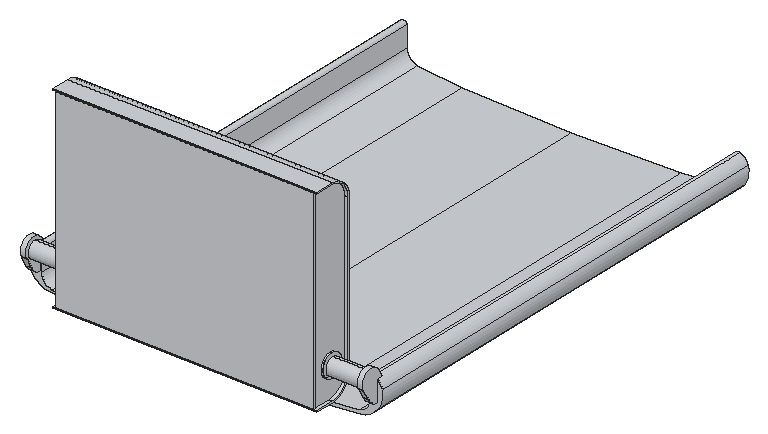
Revit family "3210 Björk Baby changing station", category Furniture Systems, host Wall, Revit 2018
Family settings
  Host = Wall
  Round Connector Dimension = Use Diameter
  Part Type = Normal
  Always vertical = Yes
  Cut with Voids When Loaded = No
  Shared = No
  Room Calculation Point = No
Parameters (values of type "Optional Ral color")
  URL = "http://www.dandryer.com/en-gb/products/baby-changing-stations/3210-bjork-baby-changing-station--optional-ral-colour"
  UP = not(Down)  # no
  Type Image = <None>
  Surface = none
  Model = "Björk-3210"
  Manufacturer = "Dan Dryer A/S"
  Down = yes
  Description = "Baby changing table"
  Cost = 0
Reference planes
  plane 1 "Wall": y = 0
  plane 2 "Center (Left/Right)": x = 125
  plane 3 "Back": y = 75
Forms (mm)
  Extrusion 1, solid, not visible
    sketch origin (0, 0, 0) x (1, 0, 0) y (0, 1, 0)
      loop
        arc (42.212, 95.366) -> (42.426, 94.946) -> (42.5, 94.481) r 1.5
        line (42.5, 94.481) -> (42.5, 75.3) -> (43.7, 75.3) -> (43.7, 94.481)
        arc (43.7, 94.481) -> (43.567, 95.318) -> (43.181, 96.073) r 2.7
        arc (43.181, 96.073) -> (125, 257.1) -> (206.819, 96.073) r 101.3
        arc (206.819, 96.073) -> (206.433, 95.318) -> (206.3, 94.481) r 2.7
        line (206.3, 94.481) -> (206.3, 75.3) -> (207.5, 75.3) -> (207.5, 94.481)
        arc (207.5, 94.481) -> (207.574, 94.946) -> (207.788, 95.366) r 1.5
        arc (207.788, 95.366) -> (125, 258.3) -> (42.212, 95.366) r 102.5
    from 900 to 1230
  Extrusion 2, void, not visible
    sketch origin (207.5, 94.481, 0) x (0, 1, 0) y (0, 0, -1)
      loop
        line (-19.181, -1225) -> (-19.181, -1230) -> (6.154, -1230)
        arc (6.154, -1230) -> (3.068, -1228.36) -> (2.105, -1225) r 4.47
        line (2.105, -1225) -> (-19.181, -1225)
    from -10.952 to 170.161
  Extrusion 3, void, not visible
    sketch origin (207.5, 94.481, 2130) x (0, 1, 0) y (0, 0, -1)
      loop
        line (-19.181, 1225) -> (2.105, 1225)
        arc (2.105, 1225) -> (3.068, 1228.36) -> (6.154, 1230) r 4.47
        line (6.154, 1230) -> (-19.181, 1230) -> (-19.181, 1225)
    from -6 to 179.451
  Extrusion 4, solid, not visible
    sketch origin (207.5, 75.3, 907) x (0, 1, 0) y (-1, 0, 0)
      loop
        line (0, 163.8) -> (0, 1.2) -> (19.181, 1.2)
        arc (19.181, 1.2) -> (20.018, 1.067) -> (20.773, 0.681) r 2.7
        arc (20.773, 0.681) -> (181.8, 82.5) -> (20.773, 164.319) r 101.3
        arc (20.773, 164.319) -> (20.018, 163.933) -> (19.181, 163.8) r 2.7
        line (19.181, 163.8) -> (0, 163.8)
    from 0 to -2
  Extrusion 5, void, not visible
    sketch origin (206.3, 75.3, 0) x (-1, 0, 0) y (0, 0, 1)
      loop
        arc (83.312, 976) -> (81.303, 978.014) -> (79.288, 976) r 2.012
        line (79.288, 976) -> (79.285, 930)
        arc (79.285, 930) -> (81.297, 927.986) -> (83.312, 930) r 2.012
        line (83.312, 930) -> (83.312, 976)
    from 174.915 to 189.234
  Extrusion 6, solid, not visible
    sketch origin (206.3, 75.3, 0) x (1, 0, 0) y (0, 0, 1)
      loop
        line (-83.312, 975.984) -> (-83.312, 930)
        arc (-83.312, 930) -> (-81.291, 928.118) -> (-79.287, 930.016) r 2.015
        line (-79.287, 930.016) -> (-79.288, 976)
        arc (-79.288, 976) -> (-81.309, 977.882) -> (-83.312, 975.984) r 2.015
    from -182.98 to -174.915
  Extrusion 7, solid, material "RAL FARVE", not visible
    sketch origin (0, 0, 0) x (1, 0, 0) y (0, 1, 0)
      loop
        arc (42.212, 95.366) -> (42.426, 94.946) -> (42.5, 94.481) r 1.5
        line (42.5, 94.481) -> (42.5, 75.3) -> (43.7, 75.3) -> (43.7, 94.481)
        arc (43.7, 94.481) -> (43.567, 95.318) -> (43.181, 96.073) r 2.7
        arc (43.181, 96.073) -> (125, 257.1) -> (206.819, 96.073) r 101.3
        arc (206.819, 96.073) -> (206.433, 95.318) -> (206.3, 94.481) r 2.7
        line (206.3, 94.481) -> (206.3, 75.3) -> (207.5, 75.3) -> (207.5, 94.481)
        arc (207.5, 94.481) -> (207.574, 94.946) -> (207.788, 95.366) r 1.5
        arc (207.788, 95.366) -> (125, 258.3) -> (42.212, 95.366) r 102.5
    from 900 to 1230
Text (mm)
  text "Placement Side" at (-1848.837, 1116.779, 0), in view "Ref. Level"
  text "Placement side" at (0, 1409.804, 2854.306), in view "Left"
  text "Placement side" at (0, 499.811, 2980.732), in view "Right"
Dimensions and locks
  locked: plane 3 "Back" to host wall
  aligned and locked: plane 1 "Wall" to host wall
  aligned and locked: plane 3 "Back" to nested 1  (x2)
Nested families
  nested 1: "Master changing table" at (125, 75, 1050), type "Master changing table"
    with Table up no
Definition of nested family "Master changing table"
  Parameters (values of type "Master changing table")
    Table up = yes
    Table down = yes
    Surface = none
  Reference planes
    plane 1 "Center (Front/Back)": y = 0
    plane 2: z = 0
    plane 3 "Center (Left/Right)": x = 0
  Forms (mm)
    Extrusion 1, solid, material <- "Surface"
      sketch origin (205, 367.912, 256.022) x (0, 1, 0) y (0, 0, 1)
        loop
          line (-368.006, 0) -> (-368.006, -1.5) -> (-337.756, -1.5)
          arc (-337.756, -1.5) -> (-316.543, -10.287) -> (-307.756, -31.5) r 30
          line (-307.756, -31.5) -> (-307.756, -273.5)
          arc (-307.756, -273.5) -> (-316.543, -294.713) -> (-337.756, -303.5) r 30
          line (-337.756, -303.5) -> (-368.006, -303.5) -> (-368.006, -305) -> (-337.756, -305)
          arc (-337.756, -305) -> (-315.482, -295.774) -> (-306.256, -273.5) r 31.5
          line (-306.256, -273.5) -> (-306.256, -31.5)
          arc (-306.256, -31.5) -> (-315.482, -9.226) -> (-337.756, 0) r 31.5
          line (-337.756, 0) -> (-368.006, 0)
      from -410.457 to 0.457
    Extrusion 2, solid, material <- "Surface"
      sketch origin (-200, 30.056, 103.522) x (0, -1, 0) y (0, 0, 1)
        loop
          line (28.149, 150) -> (0.649, 150)
          arc (0.649, 150) -> (-20.564, 141.213) -> (-29.351, 120) r 30
          line (-29.351, 120) -> (-29.351, -120)
          arc (-29.351, -120) -> (-20.564, -141.213) -> (0.649, -150) r 30
          line (0.649, -150) -> (28.149, -150) -> (28.149, 150)
      from 0 to -1.5
    Extrusion 3, solid, material <- "Surface"
      sketch origin (200, 30.056, 103.522) x (0, -1, 0) y (0, 0, -1)
        loop
          line (28.149, -150) -> (28.149, 150) -> (0.649, 150)
          arc (0.649, 150) -> (-20.564, 141.213) -> (-29.351, 120) r 30
          line (-29.351, 120) -> (-29.351, -120)
          arc (-29.351, -120) -> (-20.564, -141.213) -> (0.649, -150) r 30
          line (0.649, -150) -> (28.149, -150)
      from 0 to -1.5
    Extrusion 4, solid, material <- "Surface", visible <- "Table down"
      sketch origin (0, 750.106, -53.254) x (-1, 0, 0) y (0, 0, 1)
        loop
          line (-255, 19.726) -> (-255, 51.373)
          arc (-255, 51.373) -> (-257.243, 55.544) -> (-261.96, 55.973) r 5
          arc (-261.96, 55.973) -> (-270.039, 50.067) -> (-274.685, 41.203) r 22.097
          arc (-274.685, 41.203) -> (-275.07, 26.076) -> (-268.731, 12.336) r 33.351
          arc (-268.731, 12.336) -> (-256.485, 1.616) -> (-241.13, -3.778) r 42.947
          arc (-241.13, -3.778) -> (-205.836, -8.031) -> (-170.362, -10.357) r 652.663
          arc (-170.362, -10.357) -> (-85.196, -12.728) -> (0, -13.33) r 4102.572
          arc (0, -13.33) -> (85.196, -12.728) -> (170.362, -10.357) r 4102.572
          arc (170.362, -10.357) -> (205.836, -8.031) -> (241.13, -3.778) r 652.663
          arc (241.13, -3.778) -> (256.485, 1.616) -> (268.731, 12.336) r 42.947
          arc (268.731, 12.336) -> (275.07, 26.076) -> (274.685, 41.203) r 33.351
          arc (274.685, 41.203) -> (270.039, 50.067) -> (261.96, 55.973) r 22.097
          arc (261.96, 55.973) -> (257.243, 55.544) -> (255, 51.373) r 5
          line (255, 51.373) -> (255, 19.726)
          arc (255, 19.726) -> (250.375, 7.3) -> (238.751, 0.923) r 19.004
          arc (238.751, 0.923) -> (204.558, -3.146) -> (170.196, -5.363) r 637.149
          arc (170.196, -5.363) -> (85.113, -7.758) -> (0, -8.582) r 4609.967
          arc (0, -8.582) -> (-85.113, -7.758) -> (-170.196, -5.363) r 4609.967
          arc (-170.196, -5.363) -> (-204.558, -3.146) -> (-238.751, 0.923) r 637.149
          arc (-238.751, 0.923) -> (-250.375, 7.3) -> (-255, 19.726) r 19.004
      from -709.566 to 0
    Extrusion 5, solid, material <- "Surface", visible <- "Table down"
      sketch origin (258, 29.906, 2.522) x (0, 0, 1) y (0, 1, 0)
        loop
          line (8.4, 14.549) -> (-2.6, 20.9)
          arc (-2.6, 20.9) -> (-4.503, 22.803) -> (-5.2, 25.403) r 5.2
          line (-5.2, 25.403) -> (-5.2, 41.674) -> (-6, 41.383) -> (-6, 177.6)
          arc (-6, 177.6) -> (-6.879, 179.721) -> (-9, 180.6) r 3
          line (-9, 180.6) -> (-33, 180.6)
          arc (-33, 180.6) -> (-35.121, 179.721) -> (-36, 177.6) r 3
          line (-36, 177.6) -> (-36, 30.464) -> (-36.8, 30.172) -> (-36.8, 16.166)
          arc (-36.8, 16.166) -> (-33.477, 3.766) -> (-24.4, -5.312) r 24.8
          line (-24.4, -5.312) -> (-8.4, -14.549)
          arc (-8.4, -14.549) -> (14.549, -8.4) -> (8.4, 14.549) r 16.8
      from -8 to 0
    Extrusion 6, solid, material <- "Surface", visible <- "Table down"
      sketch origin (-266, 29.906, 2.522) x (0, 0, 1) y (0, 1, 0)
        loop
          line (8.4, 14.549) -> (-2.6, 20.9)
          arc (-2.6, 20.9) -> (-4.503, 22.803) -> (-5.2, 25.403) r 5.2
          line (-5.2, 25.403) -> (-5.2, 41.674) -> (-6, 41.383) -> (-6, 177.6)
          arc (-6, 177.6) -> (-6.879, 179.721) -> (-9, 180.6) r 3
          line (-9, 180.6) -> (-33, 180.6)
          arc (-33, 180.6) -> (-35.121, 179.721) -> (-36, 177.6) r 3
          line (-36, 177.6) -> (-36, 30.464) -> (-36.8, 30.172) -> (-36.8, 16.166)
          arc (-36.8, 16.166) -> (-33.477, 3.766) -> (-24.4, -5.312) r 24.8
          line (-24.4, -5.312) -> (-8.4, -14.549)
          arc (-8.4, -14.549) -> (14.549, -8.4) -> (8.4, 14.549) r 16.8
      from -8 to 0
    Extrusion 7, solid, material <- "Surface"
      sketch origin (-258, 31.072, 1.856) x (0, 0, -1) y (0, 1, 0)
        loop
          circle (-0.065, 0.035) r 17.549
      from 53 to 462.5
    Extrusion 8, solid, material <- "Surface", visible <- "Table up"
      sketch origin (0, 85.702, 722.747) x (-1, 0, 0) y (0, -1, 0)
        loop
          line (-255, 19.726) -> (-255, 51.373)
          arc (-255, 51.373) -> (-257.243, 55.544) -> (-261.96, 55.973) r 5
          arc (-261.96, 55.973) -> (-270.039, 50.067) -> (-274.685, 41.203) r 22.097
          arc (-274.685, 41.203) -> (-275.07, 26.076) -> (-268.731, 12.336) r 33.351
          arc (-268.731, 12.336) -> (-256.485, 1.616) -> (-241.13, -3.778) r 42.947
          arc (-241.13, -3.778) -> (-205.836, -8.031) -> (-170.362, -10.357) r 652.663
          arc (-170.362, -10.357) -> (-85.196, -12.728) -> (0, -13.33) r 4102.572
          arc (0, -13.33) -> (85.196, -12.728) -> (170.362, -10.357) r 4102.572
          arc (170.362, -10.357) -> (205.836, -8.031) -> (241.13, -3.778) r 652.663
          arc (241.13, -3.778) -> (256.485, 1.616) -> (268.731, 12.336) r 42.947
          arc (268.731, 12.336) -> (275.07, 26.076) -> (274.685, 41.203) r 33.351
          arc (274.685, 41.203) -> (270.039, 50.067) -> (261.96, 55.973) r 22.097
          arc (261.96, 55.973) -> (257.243, 55.544) -> (255, 51.373) r 5
          line (255, 51.373) -> (255, 19.726)
          arc (255, 19.726) -> (250.375, 7.3) -> (238.751, 0.923) r 19.004
          arc (238.751, 0.923) -> (204.558, -3.146) -> (170.196, -5.363) r 637.149
          arc (170.196, -5.363) -> (85.113, -7.758) -> (0, -8.582) r 4609.967
          arc (0, -8.582) -> (-85.113, -7.758) -> (-170.196, -5.363) r 4609.967
          arc (-170.196, -5.363) -> (-204.558, -3.146) -> (-238.751, 0.923) r 637.149
          arc (-238.751, 0.923) -> (-250.375, 7.3) -> (-255, 19.726) r 19.004
      from -709.566 to 0
    Extrusion 9, solid, material <- "Surface", visible <- "Table up"
      sketch origin (258, 29.925, 2.547) x (0, -1, 0) y (0, 0, 1)
        loop
          line (8.4, 14.549) -> (-2.6, 20.9)
          arc (-2.6, 20.9) -> (-4.503, 22.803) -> (-5.2, 25.403) r 5.2
          line (-5.2, 25.403) -> (-5.2, 41.674) -> (-6, 41.383) -> (-6, 177.6)
          arc (-6, 177.6) -> (-6.879, 179.721) -> (-9, 180.6) r 3
          line (-9, 180.6) -> (-33, 180.6)
          arc (-33, 180.6) -> (-35.121, 179.721) -> (-36, 177.6) r 3
          line (-36, 177.6) -> (-36, 30.464) -> (-36.8, 30.172) -> (-36.8, 16.166)
          arc (-36.8, 16.166) -> (-33.477, 3.766) -> (-24.4, -5.312) r 24.8
          line (-24.4, -5.312) -> (-8.4, -14.549)
          arc (-8.4, -14.549) -> (14.549, -8.4) -> (8.4, 14.549) r 16.8
      from -8 to 0
    Extrusion 10, solid, material <- "Surface", visible <- "Table up"
      sketch origin (-266, 29.925, 2.547) x (0, -1, 0) y (0, 0, 1)
        loop
          line (8.4, 14.549) -> (-2.6, 20.9)
          arc (-2.6, 20.9) -> (-4.503, 22.803) -> (-5.2, 25.403) r 5.2
          line (-5.2, 25.403) -> (-5.2, 41.674) -> (-6, 41.383) -> (-6, 177.6)
          arc (-6, 177.6) -> (-6.879, 179.721) -> (-9, 180.6) r 3
          line (-9, 180.6) -> (-33, 180.6)
          arc (-33, 180.6) -> (-35.121, 179.721) -> (-36, 177.6) r 3
          line (-36, 177.6) -> (-36, 30.464) -> (-36.8, 30.172) -> (-36.8, 16.166)
          arc (-36.8, 16.166) -> (-33.477, 3.766) -> (-24.4, -5.312) r 24.8
          line (-24.4, -5.312) -> (-8.4, -14.549)
          arc (-8.4, -14.549) -> (14.549, -8.4) -> (8.4, 14.549) r 16.8
      from -8 to 0
    Extrusion 11, solid, material <- "Surface"
      sketch origin (-258, 30.572, 1.856) x (0, 0, -1) y (0, 1, 0)
        loop
          circle (-0.065, 0.035) r 13.035
      from 0 to 516
    Extrusion 12, solid, material <- "Surface"
      sketch origin (-258, 30.572, 1.856) x (0, 0, -1) y (0, 1, 0)
        loop
          circle (-0.065, 0.035) r 16.835
      from 54.88 to 461.953
    Extrusion 13, solid, material <- "Surface"
      sketch origin (-5125, -0.094, -947.478) x (-1, 0, 0) y (0, 0, 1)
        loop
          line (-5325, 1202) -> (-5325, 900) -> (-4925, 900) -> (-4925, 1202) -> (-5325, 1202)
      from 0 to 2
    Extrusion 14, solid, not visible
      sketch origin (-5000, 75, 0) x (-1, 0, 0) y (0, 0, 1)
        loop
          line (-5325, 1202) -> (-5325, 900) -> (-4925, 900) -> (-4925, 1202) -> (-5325, 1202)
      from 0 to 2
    Extrusion 15, solid, not visible
      sketch origin (330, 443.006, 1203.5) x (0, 1, 0) y (0, 0, 1)
        loop
          line (-368.006, 0) -> (-368.006, -1.5) -> (-337.756, -1.5)
          arc (-337.756, -1.5) -> (-316.543, -10.287) -> (-307.756, -31.5) r 30
          line (-307.756, -31.5) -> (-307.756, -273.5)
          arc (-307.756, -273.5) -> (-316.543, -294.713) -> (-337.756, -303.5) r 30
          line (-337.756, -303.5) -> (-368.006, -303.5) -> (-368.006, -305) -> (-337.756, -305)
          arc (-337.756, -305) -> (-315.482, -295.774) -> (-306.256, -273.5) r 31.5
          line (-306.256, -273.5) -> (-306.256, -31.5)
          arc (-306.256, -31.5) -> (-315.482, -9.226) -> (-337.756, 0) r 31.5
          line (-337.756, 0) -> (-368.006, 0)
      from -410.457 to 0.457
    Sweep 16, void, not visible
      path origin (330, 443.006, 1203.5) x (0, 1, 0) y (0, 0, 1)
        loop
          line (-368.006, -305) -> (-337.756, -305)
          arc (-337.756, -305) -> (-315.482, -295.774) -> (-306.256, -273.5) r 31.5
          line (-306.256, -273.5) -> (-306.256, -31.5)
          arc (-306.256, -31.5) -> (-315.482, -9.226) -> (-337.756, 0) r 31.5
          line (-337.756, 0) -> (-368.006, 0)
      profile origin (330, 90.125, 1203.5) x (0, 0, -1) y (1, 0, 0)
        loop
          line (0, 0.457) -> (0, -0.75)
          arc (0, -0.75) -> (0.75, 0) -> (1.5, -0.75) r 0.75
          line (1.5, -0.75) -> (1.5, 0.457) -> (0, 0.457)
    Sweep 17, void, not visible
      path origin (-80, 443.006, 1203.5) x (0, 1, 0) y (0, 0, -1)
        loop
          line (-368.006, 305) -> (-337.756, 305)
          arc (-337.756, 305) -> (-315.482, 295.774) -> (-306.256, 273.5) r 31.5
          line (-306.256, 273.5) -> (-306.256, 31.5)
          arc (-306.256, 31.5) -> (-315.482, 9.226) -> (-337.756, 0) r 31.5
          line (-337.756, 0) -> (-368.006, 0)
      profile origin (-80, 90.125, 1203.5) x (0, 0, 1) y (-1, 0, 0)
        loop
          line (0, 0.457) -> (-1.5, 0.457) -> (-1.5, -0.75)
          arc (-1.5, -0.75) -> (-0.75, 0) -> (0, -0.75) r 0.75
          line (0, -0.75) -> (0, 0.457)
    Extrusion 18, solid, not visible
      sketch origin (-75, 105.149, 1051) x (0, -1, 0) y (0, 0, 1)
        loop
          line (28.149, 150) -> (0.649, 150)
          arc (0.649, 150) -> (-20.564, 141.213) -> (-29.351, 120) r 30
          line (-29.351, 120) -> (-29.351, -120)
          arc (-29.351, -120) -> (-20.564, -141.213) -> (0.649, -150) r 30
          line (0.649, -150) -> (28.149, -150) -> (28.149, 150)
      from 0 to -1.5
    Extrusion 19, solid, not visible
      sketch origin (325, 105.149, 1051) x (0, -1, 0) y (0, 0, -1)
        loop
          line (28.149, -150) -> (28.149, 150) -> (0.649, 150)
          arc (0.649, 150) -> (-20.564, 141.213) -> (-29.351, 120) r 30
          line (-29.351, 120) -> (-29.351, -120)
          arc (-29.351, -120) -> (-20.564, -141.213) -> (0.649, -150) r 30
          line (0.649, -150) -> (28.149, -150)
      from 0 to -1.5
    Extrusion 20, void, not visible
      sketch origin (-75, 105.149, 1051) x (0, 1, 0) y (0, 0, 1)
        loop
          circle (-0.114, -100.935) r 17.549
      from 404.5 to -5
    Extrusion 21, solid, visible <- "Table down", not visible
      sketch origin (125, 825.199, 894.224) x (-1, 0, 0) y (0, 0, 1)
        loop
          line (-255, 19.726) -> (-255, 51.373)
          arc (-255, 51.373) -> (-257.243, 55.544) -> (-261.96, 55.973) r 5
          arc (-261.96, 55.973) -> (-270.039, 50.067) -> (-274.685, 41.203) r 22.097
          arc (-274.685, 41.203) -> (-275.07, 26.076) -> (-268.731, 12.336) r 33.351
          arc (-268.731, 12.336) -> (-256.485, 1.616) -> (-241.13, -3.778) r 42.947
          arc (-241.13, -3.778) -> (-205.836, -8.031) -> (-170.362, -10.357) r 652.663
          arc (-170.362, -10.357) -> (-85.196, -12.728) -> (0, -13.33) r 4102.572
          arc (0, -13.33) -> (85.196, -12.728) -> (170.362, -10.357) r 4102.572
          arc (170.362, -10.357) -> (205.836, -8.031) -> (241.13, -3.778) r 652.663
          arc (241.13, -3.778) -> (256.485, 1.616) -> (268.731, 12.336) r 42.947
          arc (268.731, 12.336) -> (275.07, 26.076) -> (274.685, 41.203) r 33.351
          arc (274.685, 41.203) -> (270.039, 50.067) -> (261.96, 55.973) r 22.097
          arc (261.96, 55.973) -> (257.243, 55.544) -> (255, 51.373) r 5
          line (255, 51.373) -> (255, 19.726)
          arc (255, 19.726) -> (250.375, 7.3) -> (238.751, 0.923) r 19.004
          arc (238.751, 0.923) -> (204.558, -3.146) -> (170.196, -5.363) r 637.149
          arc (170.196, -5.363) -> (85.113, -7.758) -> (0, -8.582) r 4609.967
          arc (0, -8.582) -> (-85.113, -7.758) -> (-170.196, -5.363) r 4609.967
          arc (-170.196, -5.363) -> (-204.558, -3.146) -> (-238.751, 0.923) r 637.149
          arc (-238.751, 0.923) -> (-250.375, 7.3) -> (-255, 19.726) r 19.004
      from -709.566 to 0
    Sweep 22, void, not visible
      path origin (125, 825.199, 894.224) x (-1, 0, 0) y (0, 0, 1)
        loop
          arc (-261.96, 55.973) -> (-270.039, 50.067) -> (-274.685, 41.203) r 22.097
          arc (-274.685, 41.203) -> (-275.07, 26.076) -> (-268.731, 12.336) r 33.351
          arc (-268.731, 12.336) -> (-256.485, 1.616) -> (-241.13, -3.778) r 42.947
          arc (-241.13, -3.778) -> (-205.836, -8.031) -> (-170.362, -10.357) r 652.663
          arc (-170.362, -10.357) -> (-85.196, -12.728) -> (0, -13.33) r 4102.572
          arc (0, -13.33) -> (85.196, -12.728) -> (170.362, -10.357) r 4102.572
          arc (170.362, -10.357) -> (205.836, -8.031) -> (241.13, -3.778) r 652.663
          arc (241.13, -3.778) -> (256.485, 1.616) -> (268.731, 12.336) r 42.947
          arc (268.731, 12.336) -> (275.07, 26.076) -> (274.685, 41.203) r 33.351
          arc (274.685, 41.203) -> (270.039, 50.067) -> (261.96, 55.973) r 22.097
          arc (261.96, 55.973) -> (257.243, 55.544) -> (255, 51.373) r 5
          line (255, 51.373) -> (255, 19.726)
          arc (255, 19.726) -> (250.375, 7.3) -> (238.751, 0.923) r 19.004
          arc (238.751, 0.923) -> (204.558, -3.146) -> (170.196, -5.363) r 637.149
          arc (170.196, -5.363) -> (85.113, -7.758) -> (0, -8.582) r 4609.967
          arc (0, -8.582) -> (-85.113, -7.758) -> (-170.196, -5.363) r 4609.967
          arc (-170.196, -5.363) -> (-204.558, -3.146) -> (-238.751, 0.923) r 637.149
          arc (-238.751, 0.923) -> (-250.375, 7.3) -> (-255, 19.726) r 19.004
          line (-255, 19.726) -> (-255, 51.373)
          arc (-255, 51.373) -> (-257.243, 55.544) -> (-261.96, 55.973) r 5
      profile origin (395.039, 825.199, 944.291) x (-0.757606, 0, -0.652712) y (0, 1, 0)
        loop
          arc (0, -1.006) -> (0.295, -0.295) -> (1.006, 0) r 1.006
          line (1.006, 0) -> (0, 0) -> (0, -1.006)
    Extrusion 23, void, not visible
      sketch origin (-141, 105, 950) x (0, 0, 1) y (0, 1, 0)
        loop
          line (-93.281, 10.633) -> (14.517, 10.633) -> (14.517, 49.868) -> (-93.281, 10.633)
      from -603.294 to 94
    Extrusion 24, solid, visible <- "Table down", not visible
      sketch origin (383, 105, 950) x (0, 0, 1) y (0, 1, 0)
        loop
          line (8.4, 14.549) -> (-2.6, 20.9)
          arc (-2.6, 20.9) -> (-4.503, 22.803) -> (-5.2, 25.403) r 5.2
          line (-5.2, 25.403) -> (-5.2, 41.674) -> (-6, 41.383) -> (-6, 177.6)
          arc (-6, 177.6) -> (-6.879, 179.721) -> (-9, 180.6) r 3
          line (-9, 180.6) -> (-33, 180.6)
          arc (-33, 180.6) -> (-35.121, 179.721) -> (-36, 177.6) r 3
          line (-36, 177.6) -> (-36, 30.464) -> (-36.8, 30.172) -> (-36.8, 16.166)
          arc (-36.8, 16.166) -> (-33.477, 3.766) -> (-24.4, -5.312) r 24.8
          line (-24.4, -5.312) -> (-8.4, -14.549)
          arc (-8.4, -14.549) -> (14.549, -8.4) -> (8.4, 14.549) r 16.8
      from -8 to 0
    Extrusion 25, solid, visible <- "Table down", not visible
      sketch origin (-141, 105, 950) x (0, 0, 1) y (0, 1, 0)
        loop
          line (8.4, 14.549) -> (-2.6, 20.9)
          arc (-2.6, 20.9) -> (-4.503, 22.803) -> (-5.2, 25.403) r 5.2
          line (-5.2, 25.403) -> (-5.2, 41.674) -> (-6, 41.383) -> (-6, 177.6)
          arc (-6, 177.6) -> (-6.879, 179.721) -> (-9, 180.6) r 3
          line (-9, 180.6) -> (-33, 180.6)
          arc (-33, 180.6) -> (-35.121, 179.721) -> (-36, 177.6) r 3
          line (-36, 177.6) -> (-36, 30.464) -> (-36.8, 30.172) -> (-36.8, 16.166)
          arc (-36.8, 16.166) -> (-33.477, 3.766) -> (-24.4, -5.312) r 24.8
          line (-24.4, -5.312) -> (-8.4, -14.549)
          arc (-8.4, -14.549) -> (14.549, -8.4) -> (8.4, 14.549) r 16.8
      from -8 to 0
    Extrusion 26, solid, not visible
      sketch origin (-133, 106.166, 949.334) x (0, 0, -1) y (0, 1, 0)
        loop
          circle (-0.065, 0.035) r 17.549
      from 53 to 462.5
    Extrusion 27, solid, visible <- "Table up", not visible
      sketch origin (125, 160.795, 1670.224) x (-1, 0, 0) y (0, -1, 0)
        loop
          line (-255, 19.726) -> (-255, 51.373)
          arc (-255, 51.373) -> (-257.243, 55.544) -> (-261.96, 55.973) r 5
          arc (-261.96, 55.973) -> (-270.039, 50.067) -> (-274.685, 41.203) r 22.097
          arc (-274.685, 41.203) -> (-275.07, 26.076) -> (-268.731, 12.336) r 33.351
          arc (-268.731, 12.336) -> (-256.485, 1.616) -> (-241.13, -3.778) r 42.947
          arc (-241.13, -3.778) -> (-205.836, -8.031) -> (-170.362, -10.357) r 652.663
          arc (-170.362, -10.357) -> (-85.196, -12.728) -> (0, -13.33) r 4102.572
          arc (0, -13.33) -> (85.196, -12.728) -> (170.362, -10.357) r 4102.572
          arc (170.362, -10.357) -> (205.836, -8.031) -> (241.13, -3.778) r 652.663
          arc (241.13, -3.778) -> (256.485, 1.616) -> (268.731, 12.336) r 42.947
          arc (268.731, 12.336) -> (275.07, 26.076) -> (274.685, 41.203) r 33.351
          arc (274.685, 41.203) -> (270.039, 50.067) -> (261.96, 55.973) r 22.097
          arc (261.96, 55.973) -> (257.243, 55.544) -> (255, 51.373) r 5
          line (255, 51.373) -> (255, 19.726)
          arc (255, 19.726) -> (250.375, 7.3) -> (238.751, 0.923) r 19.004
          arc (238.751, 0.923) -> (204.558, -3.146) -> (170.196, -5.363) r 637.149
          arc (170.196, -5.363) -> (85.113, -7.758) -> (0, -8.582) r 4609.967
          arc (0, -8.582) -> (-85.113, -7.758) -> (-170.196, -5.363) r 4609.967
          arc (-170.196, -5.363) -> (-204.558, -3.146) -> (-238.751, 0.923) r 637.149
          arc (-238.751, 0.923) -> (-250.375, 7.3) -> (-255, 19.726) r 19.004
      from -709.566 to 0
    Sweep 28, void, not visible
      path origin (125, 160.795, 1670.224) x (-1, 0, 0) y (0, -1, 0)
        loop
          arc (-261.96, 55.973) -> (-270.039, 50.067) -> (-274.685, 41.203) r 22.097
          arc (-274.685, 41.203) -> (-275.07, 26.076) -> (-268.731, 12.336) r 33.351
          arc (-268.731, 12.336) -> (-256.485, 1.616) -> (-241.13, -3.778) r 42.947
          arc (-241.13, -3.778) -> (-205.836, -8.031) -> (-170.362, -10.357) r 652.663
          arc (-170.362, -10.357) -> (-85.196, -12.728) -> (0, -13.33) r 4102.572
          arc (0, -13.33) -> (85.196, -12.728) -> (170.362, -10.357) r 4102.572
          arc (170.362, -10.357) -> (205.836, -8.031) -> (241.13, -3.778) r 652.663
          arc (241.13, -3.778) -> (256.485, 1.616) -> (268.731, 12.336) r 42.947
          arc (268.731, 12.336) -> (275.07, 26.076) -> (274.685, 41.203) r 33.351
          arc (274.685, 41.203) -> (270.039, 50.067) -> (261.96, 55.973) r 22.097
          arc (261.96, 55.973) -> (257.243, 55.544) -> (255, 51.373) r 5
          line (255, 51.373) -> (255, 19.726)
          arc (255, 19.726) -> (250.375, 7.3) -> (238.751, 0.923) r 19.004
          arc (238.751, 0.923) -> (204.558, -3.146) -> (170.196, -5.363) r 637.149
          arc (170.196, -5.363) -> (85.113, -7.758) -> (0, -8.582) r 4609.967
          arc (0, -8.582) -> (-85.113, -7.758) -> (-170.196, -5.363) r 4609.967
          arc (-170.196, -5.363) -> (-204.558, -3.146) -> (-238.751, 0.923) r 637.149
          arc (-238.751, 0.923) -> (-250.375, 7.3) -> (-255, 19.726) r 19.004
          line (-255, 19.726) -> (-255, 51.373)
          arc (-255, 51.373) -> (-257.243, 55.544) -> (-261.96, 55.973) r 5
      profile origin (395.039, 110.728, 1670.224) x (-0.757606, 0.652712, 0) y (0, 0, 1)
        loop
          arc (0, -1.006) -> (0.295, -0.295) -> (1.006, 0) r 1.006
          line (1.006, 0) -> (0, 0) -> (0, -1.006)
    Extrusion 29, void, not visible
      sketch origin (-141, 105.019, 950.025) x (0, -1, 0) y (0, 0, 1)
        loop
          line (-93.281, 10.633) -> (14.517, 10.633) -> (14.517, 49.868) -> (-93.281, 10.633)
      from -603.294 to 94
    Extrusion 30, solid, visible <- "Table up", not visible
      sketch origin (383, 105.019, 950.025) x (0, -1, 0) y (0, 0, 1)
        loop
          line (8.4, 14.549) -> (-2.6, 20.9)
          arc (-2.6, 20.9) -> (-4.503, 22.803) -> (-5.2, 25.403) r 5.2
          line (-5.2, 25.403) -> (-5.2, 41.674) -> (-6, 41.383) -> (-6, 177.6)
          arc (-6, 177.6) -> (-6.879, 179.721) -> (-9, 180.6) r 3
          line (-9, 180.6) -> (-33, 180.6)
          arc (-33, 180.6) -> (-35.121, 179.721) -> (-36, 177.6) r 3
          line (-36, 177.6) -> (-36, 30.464) -> (-36.8, 30.172) -> (-36.8, 16.166)
          arc (-36.8, 16.166) -> (-33.477, 3.766) -> (-24.4, -5.312) r 24.8
          line (-24.4, -5.312) -> (-8.4, -14.549)
          arc (-8.4, -14.549) -> (14.549, -8.4) -> (8.4, 14.549) r 16.8
      from -8 to 0
    Extrusion 31, solid, visible <- "Table up", not visible
      sketch origin (-141, 105.019, 950.025) x (0, -1, 0) y (0, 0, 1)
        loop
          line (8.4, 14.549) -> (-2.6, 20.9)
          arc (-2.6, 20.9) -> (-4.503, 22.803) -> (-5.2, 25.403) r 5.2
          line (-5.2, 25.403) -> (-5.2, 41.674) -> (-6, 41.383) -> (-6, 177.6)
          arc (-6, 177.6) -> (-6.879, 179.721) -> (-9, 180.6) r 3
          line (-9, 180.6) -> (-33, 180.6)
          arc (-33, 180.6) -> (-35.121, 179.721) -> (-36, 177.6) r 3
          line (-36, 177.6) -> (-36, 30.464) -> (-36.8, 30.172) -> (-36.8, 16.166)
          arc (-36.8, 16.166) -> (-33.477, 3.766) -> (-24.4, -5.312) r 24.8
          line (-24.4, -5.312) -> (-8.4, -14.549)
          arc (-8.4, -14.549) -> (14.549, -8.4) -> (8.4, 14.549) r 16.8
      from -8 to 0
    Extrusion 32, solid, not visible
      sketch origin (-133, 105.666, 949.334) x (0, 0, -1) y (0, 1, 0)
        loop
          circle (-0.065, 0.035) r 13.035
      from 0 to 516
    Extrusion 33, solid, not visible
      sketch origin (-133, 105.666, 949.334) x (0, 0, -1) y (0, 1, 0)
        loop
          circle (-0.065, 0.035) r 16.835
      from 54.88 to 461.953
  Lines and regions (mm)
    reference lines, not visible
      curve 1: line (125, 825.199, 1226.874) -> (125, 825.199, 885.642)
      curve 2: line (125, 419.974, 1670.224) -> (125, -185.026, 1670.224)
  Dimensions and locks
    locked: Extrusion 13 to Extrusion 13 at 2
    aligned and locked: level to plane 2
    aligned and locked: Extrusion 3 to Extrusion 13
